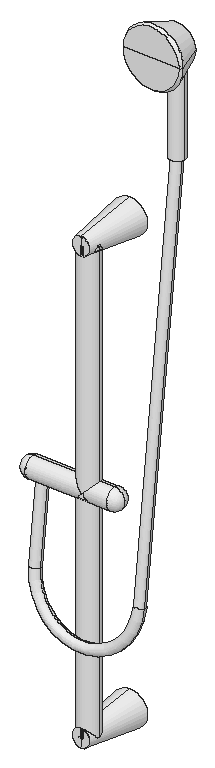
Revit family
Parameters (values of type "1662.143")
  Waste Connection = no
  Vent Connection = no
  URL = "http://www.americanstandard-us.com/"
  Revised Date = "04/08/13"
  Product URL = "http://www.americanstandard-us.com/shower-faucets/FloWise-Traditional-Water-Saving-Shower-System-3117/"
  Phone # = "416-250-5656"
  Model = "1662.143"
  Material = Chrome Plated
  Manufacturer = "American Standard"
  HW Connection = yes
  Designed By = "ATS BIM Team"
  Description = "FloWise Traditional Water Saving Shower System"
  CW Connection = yes
Reference planes (in)
  plane 1 "Center (Front/Back)": y = 0
  plane 2: z = 0
  plane 3 "Center (Left/Right)": x = 0
  plane 4: z = 42.25
  plane 5: z = 20.625
  plane 6: y = -2.5
  plane 7: x = 1.75
  plane 8: x = -3.25
Forms (in)
  Extrusion 1, solid, material "Chrome Plated" <- "Material"
    sketch origin (4.3125, -1.25815, 5.75) x (1, 0, 0) y (0, 1, 0)
      loop
        circle (-4.3125, -1.24185) r 0.5
    from 14.875 to 36.5
  Revolve 2, solid, material "Chrome Plated" <- "Material"
    sketch origin (-9.25, -34.76602, 51.20178) x (1, 0, 0) y (0, 1, 0)
      loop
        line (11.17096, 34) -> (10.66831, 32.61747) -> (10.75056, 32.5) -> (12.125, 32.5) -> (12.125, 34) -> (11.17096, 34)
      axis (12.125, 32.5) -> (12.125, 34)
    angle from 0 to 360
  Revolve 3, solid, material "Chrome Plated" <- "Material"
    sketch origin (-9.25, -0.6875, -17.79822) x (1, 0, 0) y (0, 0, 1)
      loop
        line (11.75, 64) -> (12.125, 64) -> (12.125, 69) -> (11.75, 69) -> (11.75, 64)
      axis (12.125, 64) -> (12.125, 69)
    angle from 0 to 360
  Revolve 4, solid, material "Chrome Plated" <- "Material"
    sketch origin (0, 0, 0) x (0, 1, 0) y (0, 0, 1)
      loop
        line (0, 42.25) -> (0, 43.10135) -> (-3, 42.67973) -> (-3, 42.25) -> (0, 42.25)
      axis (0, 42.25) -> (-3, 42.25)
    angle from 0 to 360
  Revolve 5, solid, material "Chrome Plated" <- "Material"
    sketch origin (0, 0, -21.625) x (0, 1, 0) y (0, 0, 1)
      loop
        line (0, 42.25) -> (0, 43.10135) -> (-3, 42.67973) -> (-3, 42.25) -> (0, 42.25)
      axis (0, 42.25) -> (-3, 42.25)
    angle from 0 to 360
  Revolve 6, solid, material "Chrome Plated" <- "Material"
    sketch origin (0, -2.5, 0) x (1, 0, 0) y (0, 0, 1)
      loop
        arc (1.75, 31.375) -> (1.60355, 31.72855) -> (1.25, 31.875) r 0.5
        line (1.25, 31.875) -> (-2.75, 31.875)
        arc (-2.75, 31.875) -> (-3.10355, 31.72855) -> (-3.25, 31.375) r 0.5
        line (-3.25, 31.375) -> (1.75, 31.375)
      axis (-3.25, 31.375) -> (1.75, 31.375)
    angle from 0 to 360
  Sweep 7, solid, material "Chrome Plated" <- "Material"
    path origin (7.87656, -11.39713, -41.08305) x (1, 0, 0) y (0, -0.121869, -0.992546)
      loop
        line (-10.13193, -73.01584) -> (-10.13193, -69.01584)
        arc (-10.13193, -69.01584) -> (-7.56674, -66.45065) -> (-5.00156, -69.01584) r 2.56518
        line (-5.00156, -69.01584) -> (-5.00156, -88.01584)
    profile origin (-2.25537, -2.74248, 29.40345) x (-1, 0, 0) y (0, 0.992546, -0.121869)
      loop
        circle (0, 0) r 0.25
Dimensions and locks (in)
  plane 5 to plane 4 = 21 5/8"
  plane 1 "Center (Front/Back)" to plane 6 = 2 1/2"
  plane 7 to plane 3 "Center (Left/Right)" to plane 8 = 1 3/4", 3 1/4"
